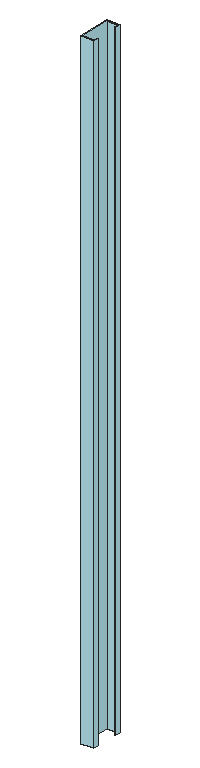
Revit family "50補強材", category 機械設備, Revit 2020
Family settings
  丸型コネクタ寸法 = 直径を使用
  種別 = なし
  パーツ タイプ = 標準
  作業面ベース = いいえ
  常に垂直 = はい
  ロード時にボイドで切り取り = いいえ
  共有 = いいえ
  部屋計算ポイント = いいえ
Parameters
  製造元 = "株式会社桐井製作所"
  既定の高さ = 0 mm
  URL = "https://www.kirii.co.jp/"
  K_長さ(mm) [instance] = 1000 mm
  K_材質 = "SGCC一般用・SGC340~570高強度一般用・SGH340~570高強度一般用"
  K_外形寸法(mm) = "50×20×7"
  K_品名 = "50補強材"
  K_名称 = "補強材"
  K_バージョン情報 = "20210524"
  K_めっき付着量 = "Z08"
  K_JIS規格 = "JIS G 3302"
Reference planes
  plane 1 "中心(正面/背面)": y = 0
  plane 2: z = 0
  plane 3 "中心(左/右)": x = 0
  plane 4: z = 1000
  plane 5: y = 50
Forms (mm)
  Extrusion 1, solid
    sketch origin (0, 0, 0) x (1, 0, 0) y (0, 1, 0)
      loop
        line (0, 0) -> (20, 0) -> (20, 7) -> (18.8, 7) -> (18.8, 1.2) -> (1.2, 1.2) -> (1.2, 48.8) -> (18.8, 48.8) -> (18.8, 43) -> (20, 43) -> (20, 50) -> (0, 50) -> (0, 0)
    from 0 to 1000
Dimensions and locks
  "K_長さ(mm)": plane 4 to plane 2
  aligned and locked: level to plane 2
  aligned and locked: plane 4 to Extrusion 1
Automatic sketch dimensions
  Extrusion 1 sketch curve to plane 3 "中心(左/右)" = 0 mm
  plane 1 "中心(正面/背面)" to Extrusion 1 sketch curve = 0 mm
  Extrusion 1 sketch curve to plane 5 = 0 mm
  plane 3 "中心(左/右)" to Extrusion 1 sketch curve = 1.2 mm
  Extrusion 1 sketch curve to plane 1 "中心(正面/背面)" = 7 mm
  Extrusion 1 sketch curve to Extrusion 1 sketch curve = 17.6 mm  (x2)
  Extrusion 1 sketch curve to plane 5 = 1.2 mm
  Extrusion 1 sketch curve to Extrusion 1 sketch curve = 1.2 mm  (x2)
  Extrusion 1 sketch curve to plane 1 "中心(正面/背面)" = 1.2 mm
  Extrusion 1 sketch curve to Extrusion 1 sketch curve = 5.8 mm
